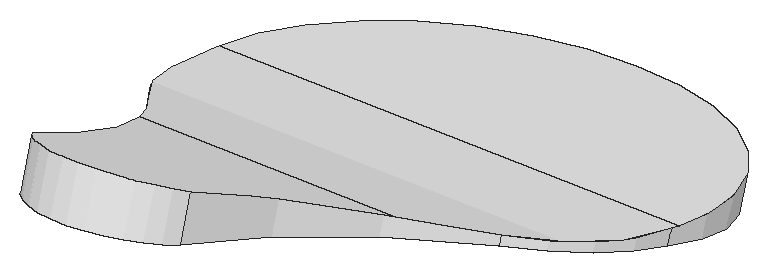
Revit family "23799-Deca_Acabamento Monocomando para Chuveiro Baixa e Alta Pressão Cromado_Gama_4993-13-CHU", category Plumbing Fixtures, host Face, Revit 2020
Family settings
  Host = Face
  Round Connector Dimension = Use Radius
  Part Type = Normal
  Cut with Voids When Loaded = No
  Shared = No
  Room Calculation Point = No
Parameters (values of type "4993.C13.CHU_CROMADO")
  WFU = 0
  Vazão na Pressão mín. (L/min) = "-"
  Vazão na Pressão máx. (L/min) = "-"
  URL = "www.deca.com.br"
  Tipo de rosca de saída = "-"
  Tipo de rosca de entrada = "-"
  Tipo de mecanismo utilizado = "-"
  Tipo de dispositivo economizador = "-"
  Segmento = "-"
  Saída de Esgoto = "-"
  Raio Água Fria = 0.00 m  # constant formula
  Raio Ponto de Esgoto = 0.00 m  # constant formula
  Pressão mín. funcionamento = "-"
  Pressão mín. Aquec. Passagem = "-"
  Pressão mín. Aquec. Acúmulo = "-"
  Pressão máx. funcionamento = "-"
  Peso Líquido (Kg) = 0.305
  Norma = "Não Possui"
  Model = "4993.C13.CHU"
  Material = Deca_Cromado
  Manufacturer = "Deca"
  Linha = "Gama"
  Itens de Instalação = "-"
  Informações Complementares = "-"
  Diâmetro Água Fria = 2 * Raio Água Fria  # 0.00 m
  Diâmetro Ponto de Esgoto = 2 * Raio Ponto de Esgoto  # 0.00 m
  Description = "ACABAMENTO MONOCOMANDO P/ CHUVEIRO BAIXA / ALTA PRESSAO GAMA- CROMADO"
  Default Elevation = 1.10 m
  Código Pai = "4993.C13.CHU"
  Criado por = "quattroD"
  Cores Componente = "-"
  Cor Secundária = "-"
  Cor Principal = "Cromado"
  Cor Interna = "-"
  Consumo = "-"
  Composição Componente = "-"
  Composição Básica = "Liga de Cobre (bronze e latão),Liga de Zinco(zamac),Plásticos de Engenharia"
  Composição Assento = "-"
  Composição Anel Vedação = "-"
  Categoria = "METAIS PARA BANHEIRO"
  CWFU = 0
  Atendimento ao Cliente = "0800 011 7073"
  Assembly Code = ""
  Aprovado por = "quattroD"
  Acompanha o Produto = "Parafuso de fixação"
Reference planes (m)
  plane 1 "Center (Front/Back)": y = 0
  plane 2: z = 0
  plane 3 "Center (Left/Right)": x = -0.001415
  plane 4: y = 0.03
  plane 5: y = -0.03
  plane 6: x = 0.028585
  plane 7: x = -0.031415
  plane 8: z = 0.056043
Forms (m)
  Extrusion 1, void
    sketch origin (-0.001972, -0.009307, -0.145653) x (0, 0.79169, -0.610923) y (0, 0.610923, 0.79169)
      loop
        line (-0.083036, 0.194516) -> (-0.085336, 0.200711) -> (-0.19887, 0.158557) -> (-0.196889, 0.153223) -> (-0.147207, 0.164628)
        arc (-0.147207, 0.164628) -> (-0.134274, 0.168337) -> (-0.121982, 0.173809) r 0.096446
        line (-0.121982, 0.173809) -> (-0.083036, 0.194516)
    from -0.032503 to 0.033521
  Extrusion 2, solid, material "Deca_Cromado" <- "Material"
    sketch origin (-0.000552, 0.046398, 0.055169) x (0, 0.954829, -0.297155) y (-1, 0, 0)
      loop
        arc (-0.049644, 0.026392) -> (-0.058085, 0.024813) -> (-0.065515, 0.020506) r 0.02535
        arc (-0.065515, 0.020506) -> (-0.081157, 0.01213) -> (-0.098641, 0.0091) r 0.055687
        arc (-0.098641, 0.0091) -> (-0.103639, 0.000295) -> (-0.097245, -0.007555) r 0.008967
        arc (-0.097245, -0.007555) -> (-0.080499, -0.010782) -> (-0.065515, -0.018927) r 0.055687
        arc (-0.065515, -0.018927) -> (-0.057497, -0.023443) -> (-0.048395, -0.0248) r 0.02535
        arc (-0.048395, -0.0248) -> (-0.029079, -0.01802) -> (-0.021174, 0.000862) r 0.025194
        arc (-0.021174, 0.000862) -> (-0.029542, 0.02017) -> (-0.049644, 0.026392) r 0.025194
    from -0.004672 to 0.006832
Cuts and joins
  Extrusion 1 cuts Extrusion 2
Lines and regions (m)
  Masking region 1
    outline origin (0, 0, 0) x (1, 0, 0) y (0, 1, 0)
      loop
        circle (-0.001415, 0.000015) r 0.06519
  Masking region 2
    outline origin (0, 0, 0) x (1, 0, 0) y (0, 0, 1)
      loop
        line (-0.027557, 0.045251) -> (-0.027499, 0.03786) -> (-0.024924, 0.03786)
        arc (-0.024924, 0.03786) -> (-0.02659, 0.031941) -> (-0.027188, 0.025821) r 0.0348
        line (-0.027188, 0.025821) -> (-0.027327, 0.01019) -> (-0.064715, 0.01019)
        arc (-0.064715, 0.01019) -> (-0.066051, 0.009637) -> (-0.066605, 0.008302) r 0.00189
        line (-0.066605, 0.008302) -> (-0.066605, 0.0071)
        arc (-0.066605, 0.0071) -> (-0.066571, 0.005) -> (-0.066605, 0.0029) r 0.065188
        line (-0.066605, 0.0029) -> (-0.066605, 0) -> (0.063775, 0) -> (0.063775, 0.0029) -> (0.063775, 0.008292)
        arc (0.063775, 0.008292) -> (0.063225, 0.009634) -> (0.061885, 0.01019) r 0.00189
        line (0.061885, 0.01019) -> (0.024498, 0.01019) -> (0.024359, 0.025821)
        arc (0.024359, 0.025821) -> (0.023761, 0.031941) -> (0.022095, 0.03786) r 0.0348
        line (0.022095, 0.03786) -> (0.02467, 0.03786) -> (0.02473, 0.045563) -> (0.024894, 0.066177)
        spline (0.024894, 0.066177) -> (0.023943, 0.06784) -> (0.022597, 0.068798) -> (0.021202, 0.069567) -> (0.019572, 0.070328) -> (0.017806, 0.071068) -> (0.016004, 0.071817) -> (0.014682, 0.072422) -> (0.013178, 0.07329) -> (0.011744, 0.074286) -> (0.010483, 0.075415) -> (0.009346, 0.07682) -> (0.008117, 0.079192)
        line (0.008117, 0.079192) -> (0.006472, 0.083979)
        spline (0.006472, 0.083979) -> (0.00524, 0.085186) -> (0.004053, 0.085753) -> (0.002661, 0.086141) -> (0.001127, 0.086382) -> (-0.000483, 0.086491) -> (-0.002123, 0.086486) -> (-0.003583, 0.086401) -> (-0.004846, 0.08624) -> (-0.006203, 0.085942) -> (-0.007558, 0.085421) -> (-0.008704, 0.084678) -> (-0.009521, 0.083435)
        line (-0.009521, 0.083435) -> (-0.01098, 0.078793)
        spline (-0.01098, 0.078793) -> (-0.012227, 0.076468) -> (-0.013368, 0.075096) -> (-0.014629, 0.073999) -> (-0.016059, 0.073036) -> (-0.017556, 0.0722) -> (-0.018869, 0.071622) -> (-0.020658, 0.070907) -> (-0.022412, 0.070202) -> (-0.024032, 0.069472) -> (-0.025419, 0.068732) -> (-0.026762, 0.067805) -> (-0.027723, 0.066177)
        line (-0.027723, 0.066177) -> (-0.027557, 0.045251)
  Masking region 3
    outline origin (-0.001415, 0, 0) x (0, 1, 0) y (0, 0, 1)
      loop
        arc (0.025773, 0.025836) -> (0.025174, 0.031948) -> (0.02351, 0.03786) r 0.0348
        line (0.02351, 0.03786) -> (0.026098, 0.03786) -> (0.026308, 0.061866) -> (0.007824, 0.065125) -> (-0.000622, 0.066615) -> (-0.002934, 0.067021) -> (-0.004647, 0.067325) -> (-0.005884, 0.067562) -> (-0.007007, 0.067788)
        arc (-0.007007, 0.067788) -> (-0.022213, 0.072064) -> (-0.036662, 0.078448) r 0.11143
        line (-0.036662, 0.078448) -> (-0.038831, 0.079601) -> (-0.050527, 0.08582) -> (-0.051921, 0.086561)
        arc (-0.051921, 0.086561) -> (-0.052415, 0.086547) -> (-0.052655, 0.086115) r 0.0005
        line (-0.052655, 0.086115) -> (-0.052612, 0.081156)
        arc (-0.052612, 0.081156) -> (-0.052519, 0.080136) -> (-0.052246, 0.079149) r 0.005752
        arc (-0.052246, 0.079149) -> (-0.051945, 0.078478) -> (-0.05156, 0.07785) r 0.005706
        arc (-0.05156, 0.07785) -> (-0.050992, 0.077162) -> (-0.050324, 0.076571) r 0.005705
        line (-0.050324, 0.076571) -> (-0.039641, 0.068521) -> (-0.037265, 0.06673) -> (-0.034356, 0.064538)
        arc (-0.034356, 0.064538) -> (-0.030082, 0.060138) -> (-0.02728, 0.05468) r 0.020761
        arc (-0.02728, 0.05468) -> (-0.026915, 0.053482) -> (-0.026623, 0.052264) r 0.020635
        arc (-0.026623, 0.052264) -> (-0.027589, 0.048128) -> (-0.026154, 0.04413) r 0.0075
        line (-0.026154, 0.04413) -> (-0.026099, 0.03786) -> (-0.02351, 0.03786)
        arc (-0.02351, 0.03786) -> (-0.025174, 0.031948) -> (-0.025773, 0.025836) r 0.0348
        line (-0.025773, 0.025836) -> (-0.025913, 0.01019) -> (-0.0633, 0.01019)
        arc (-0.0633, 0.01019) -> (-0.064636, 0.009637) -> (-0.06519, 0.008302) r 0.00189
        line (-0.06519, 0.008302) -> (-0.06519, 0) -> (0.06519, 0) -> (0.06519, 0.008298)
        arc (0.06519, 0.008298) -> (0.064637, 0.009636) -> (0.0633, 0.01019) r 0.00189
        line (0.0633, 0.01019) -> (0.025913, 0.01019) -> (0.025773, 0.025836)
  symbolic lines, style "PlumbingFixtures"
    curve 1: arc (0.024822, 0.000266, 0) -> (0.016951, 0.018846, 0) -> (-0.001753, 0.026418, 0) r 0.026364
    curve 2: arc (-0.001753, 0.026418, 0) -> (-0.020703, 0.018163, 0) -> (-0.027875, -0.001224, 0) r 0.026364
    curve 3: arc (-0.027875, -0.001224, 0) -> (-0.027818, -0.002124, 0) -> (-0.02773, -0.003021, 0) r 0.026769
    curve 4: line (-0.011354, -0.037644, 0) -> (-0.011117, -0.03905, 0)
    curve 5: line (-0.011117, -0.03905, 0) -> (-0.010633, -0.041889, 0)
    curve 6: line (-0.010633, -0.041889, 0) -> (-0.01014, -0.044785, 0)
    curve 7: line (-0.01014, -0.044785, 0) -> (-0.00969, -0.047381, 0)
    curve 8: line (0.006608, -0.047381, 0) -> (0.006907, -0.04566, 0)
    curve 9: line (0.006907, -0.04566, 0) -> (0.007202, -0.043942, 0)
    curve 10: line (0.007202, -0.043942, 0) -> (0.007686, -0.041101, 0)
    curve 11: line (0.007686, -0.041101, 0) -> (0.008272, -0.037644, 0)
    curve 16: spline (-0.009544, 0, 0.083363) -> (-0.009495, 0, 0.082294) -> (-0.009332, 0, 0.081318) -> (-0.009055, 0, 0.080435) -> (-0.008664, 0, 0.079645) -> (-0.008158, 0, 0.078948) -> (-0.007537, 0, 0.078344) -> (-0.006803, 0, 0.077833) -> (-0.005954, 0, 0.077414) -> (-0.00499, 0, 0.077089) -> (-0.003913, 0, 0.076857) -> (-0.002721, 0, 0.076717) -> (-0.001415, 0, 0.076671)
    curve 17: line (-0.027574, 0, 0.047359) -> (-0.027723, 0, 0.066177)
    curve 18: line (0.024894, 0, 0.066177) -> (0.024745, 0, 0.047359)
    curve 19: line (-0.02755, 0, 0.04432) -> (-0.027574, 0, 0.047359)
    curve 20: line (0.024745, 0, 0.047359) -> (0.024721, 0, 0.04432)
    curve 23: spline (-0.001415, 0, 0.076671) -> (-0.000103, 0, 0.076718) -> (0.001093, 0, 0.076858) -> (0.002174, 0, 0.077093) -> (0.003139, 0, 0.077421) -> (0.003988, 0, 0.077843) -> (0.004722, 0, 0.078358) -> (0.00534, 0, 0.078968) -> (0.005842, 0, 0.079671) -> (0.006229, 0, 0.080468) -> (0.006501, 0, 0.081359) -> (0.006656, 0, 0.082343) -> (0.006696, 0, 0.083421)
    curve 26: line (0.008117, 0, 0.079192) -> (0.006696, 0, 0.083421)
    curve 29: arc (0.024359, 0, 0.025821) -> (0.023761, 0, 0.031941) -> (0.022095, 0, 0.03786) r 0.0348
    curve 30: arc (-0.024924, 0, 0.03786) -> (-0.02659, 0, 0.031941) -> (-0.027188, 0, 0.025821) r 0.0348
    curve 31: arc (-0.066605, 0, 0.0029) -> (-0.066571, 0, 0.005) -> (-0.066605, 0, 0.0071) r 0.065188
    curve 32: arc (0.063775, 0, 0.008292) -> (0.063225, 0, 0.009634) -> (0.061885, 0, 0.01019) r 0.00189
    curve 33: arc (-0.064715, 0, 0.01019) -> (-0.066051, 0, 0.009637) -> (-0.066605, 0, 0.008302) r 0.00189
    curve 34: line (-0.027188, 0, 0.025821) -> (-0.027327, 0, 0.01019)
    curve 35: line (0.024359, 0, 0.025821) -> (0.024498, 0, 0.01019)
    curve 36: line (-0.064715, 0, 0.01019) -> (0.061885, 0, 0.01019)
    curve 37: line (-0.066605, 0, 0.008302) -> (-0.066605, 0, 0.0071)
    curve 38: line (0.063775, 0, 0.008292) -> (0.063775, 0, 0.0029)
    curve 39: line (0.063775, 0, 0.0029) -> (0.063775, 0, 0)
    curve 40: line (0.063775, 0, 0) -> (-0.066605, 0, 0)
    curve 41: line (-0.066605, 0, 0) -> (-0.066605, 0, 0.0029)
    curve 42: line (0.024749, 0, 0.047873) -> (0.024726, 0, 0.044951)
    curve 43: line (0.024726, 0, 0.044951) -> (0.02467, 0, 0.03786)
    curve 44: line (0.02467, 0, 0.03786) -> (-0.027499, 0, 0.03786)
    curve 45: line (-0.027499, 0, 0.03786) -> (-0.027555, 0, 0.044951)
    curve 46: line (-0.027555, 0, 0.044951) -> (-0.027578, 0, 0.047873)
    curve 62: line (-0.01098, 0, 0.078793) -> (-0.009521, 0, 0.083435)
    curve 63: arc (-0.001415, 0.025773, 0.025836) -> (-0.001415, 0.025174, 0.031948) -> (-0.001415, 0.02351, 0.03786) r 0.0348
    curve 64: arc (-0.001415, -0.02351, 0.03786) -> (-0.001415, -0.025174, 0.031948) -> (-0.001415, -0.025773, 0.025836) r 0.0348
    curve 65: arc (-0.001415, 0.06519, 0.008298) -> (-0.001415, 0.064637, 0.009636) -> (-0.001415, 0.0633, 0.01019) r 0.00189
    curve 66: arc (-0.001415, -0.0633, 0.01019) -> (-0.001415, -0.064636, 0.009637) -> (-0.001415, -0.06519, 0.008302) r 0.00189
    curve 67: arc (-0.001415, -0.02728, 0.05468) -> (-0.001415, -0.030082, 0.060138) -> (-0.001415, -0.034356, 0.064538) r 0.020761
    curve 68: arc (-0.001415, -0.052612, 0.081156) -> (-0.001415, -0.052519, 0.080136) -> (-0.001415, -0.052246, 0.079149) r 0.005752
    curve 69: arc (-0.001415, -0.036662, 0.078448) -> (-0.001415, -0.02259, 0.0722) -> (-0.001415, -0.007792, 0.067952) r 0.11143
    curve 70: arc (-0.001415, -0.051921, 0.086561) -> (-0.001415, -0.052415, 0.086547) -> (-0.001415, -0.052655, 0.086115) r 0.0005
    curve 71: arc (-0.001415, -0.026623, 0.052264) -> (-0.001415, -0.026915, 0.053482) -> (-0.001415, -0.02728, 0.05468) r 0.020635
    curve 72: arc (-0.001415, -0.05156, 0.07785) -> (-0.001415, -0.050992, 0.077162) -> (-0.001415, -0.050324, 0.076571) r 0.005705
    curve 73: arc (-0.001415, -0.052246, 0.079149) -> (-0.001415, -0.051945, 0.078478) -> (-0.001415, -0.05156, 0.07785) r 0.005706
    curve 74: line (-0.001415, -0.025773, 0.025836) -> (-0.001415, -0.025913, 0.01019)
    curve 75: line (-0.001415, 0.025773, 0.025836) -> (-0.001415, 0.025913, 0.01019)
    curve 76: line (-0.001415, -0.0633, 0.01019) -> (-0.001415, 0.0633, 0.01019)
    curve 77: line (-0.001415, -0.06519, 0.008302) -> (-0.001415, -0.06519, 0)
    curve 78: line (-0.001415, -0.06519, 0) -> (-0.001415, 0.06519, 0)
    curve 79: line (-0.001415, 0.06519, 0) -> (-0.001415, 0.06519, 0.008298)
    curve 80: line (-0.001415, -0.034356, 0.064538) -> (-0.001415, -0.037265, 0.06673)
    curve 81: line (-0.001415, -0.037265, 0.06673) -> (-0.001415, -0.039641, 0.068521)
    curve 82: line (-0.001415, -0.039641, 0.068521) -> (-0.001415, -0.050324, 0.076571)
    curve 83: line (-0.001415, -0.052655, 0.086115) -> (-0.001415, -0.052612, 0.081156)
    curve 84: line (-0.001415, 0.026308, 0.061866) -> (-0.001415, 0.026098, 0.03786)
    curve 85: line (-0.001415, 0.026098, 0.03786) -> (-0.001415, -0.026099, 0.03786)
    curve 86: line (-0.001415, -0.026099, 0.03786) -> (-0.001415, -0.026154, 0.04413)
    curve 87: line (-0.001415, -0.051921, 0.086561) -> (-0.001415, -0.050527, 0.08582)
    curve 88: line (-0.001415, -0.050527, 0.08582) -> (-0.001415, -0.038831, 0.079601)
    curve 89: line (-0.001415, -0.038831, 0.079601) -> (-0.001415, -0.036662, 0.078448)
    curve 90: line (-0.001415, -0.00819, 0.068037) -> (-0.001415, -0.007792, 0.067952)
    curve 91: line (-0.001415, -0.007422, 0.067873) -> (-0.001415, -0.006654, 0.067715)
    curve 92: line (-0.001415, -0.006654, 0.067715) -> (-0.001415, -0.005884, 0.067562)
    curve 93: line (-0.001415, -0.005884, 0.067562) -> (-0.001415, -0.004647, 0.067325)
    curve 94: line (-0.001415, -0.004647, 0.067325) -> (-0.001415, -0.002934, 0.067021)
    curve 95: line (-0.001415, -0.002934, 0.067021) -> (-0.001415, -0.000622, 0.066615)
    curve 96: line (-0.001415, -0.000622, 0.066615) -> (-0.001415, 0.007824, 0.065125)
    curve 97: line (-0.001415, 0.007824, 0.065125) -> (-0.001415, 0.026308, 0.061866)
    curve 98: arc (-0.001415, -0.026623, 0.052264) -> (-0.001415, -0.027589, 0.048128) -> (-0.001415, -0.026154, 0.04413) r 0.0075
  symbolic lines
    curve 12: line (-0.027838, -0.001859, 0) -> (-0.011354, -0.037644, 0)
    curve 13: line (0.024756, -0.001859, 0) -> (0.008272, -0.037644, 0)
    curve 14: line (-0.00969, -0.047381, 0) -> (-0.001541, -0.052718, 0)
    curve 15: line (0.006608, -0.047381, 0) -> (-0.001541, -0.052718, 0)
    curve 21: line (-0.027723, 0, 0.066177) -> (-0.01098, 0, 0.078793)
    curve 22: line (0.024894, 0, 0.066177) -> (0.008117, 0, 0.079192)
    curve 24: line (-0.009521, 0, 0.083435) -> (0.006472, 0, 0.083979)
    curve 25: line (0.006472, 0, 0.083979) -> (0.006696, 0, 0.083424)
    curve 27: circle (-0.001415, 0.000015, 0) r 0.06519 normal (0, 0, 1)
    curve 28: line (0.024822, 0.000266, 0) -> (0.024756, -0.001859, 0)
  symbolic lines, style "PlumbingFixtures", not visible
    curve 47: spline (0.099162, 0, 0.090528) -> (0.099215, 0, 0.089467) -> (0.099381, 0, 0.088498) -> (0.099661, 0, 0.087621) -> (0.100055, 0, 0.086836) -> (0.100562, 0, 0.086144) -> (0.101183, 0, 0.085544) -> (0.101917, 0, 0.085037) -> (0.102765, 0, 0.084621) -> (0.103727, 0, 0.084298) -> (0.104802, 0, 0.084068) -> (0.10599, 0, 0.083929) -> (0.107292, 0, 0.083883)
    curve 48: line (0.081132, 0, 0.054571) -> (0.080982, 0, 0.073389)
    curve 49: line (0.1336, 0, 0.073389) -> (0.13345, 0, 0.054571)
    curve 50: line (0.081156, 0, 0.051532) -> (0.081132, 0, 0.054571)
    curve 51: line (0.081132, 0, 0.054571) -> (0.107291, 0, 0.054571)
    curve 52: line (0.107291, 0, 0.054571) -> (0.13345, 0, 0.054571)
    curve 53: line (0.133451, 0, 0.054571) -> (0.133426, 0, 0.051532)
    curve 56: spline (0.107292, 0, 0.083883) -> (0.108604, 0, 0.08393) -> (0.1098, 0, 0.084071) -> (0.11088, 0, 0.084305) -> (0.111845, 0, 0.084633) -> (0.112694, 0, 0.085055) -> (0.113428, 0, 0.085571) -> (0.114046, 0, 0.08618) -> (0.114548, 0, 0.086884) -> (0.114935, 0, 0.08768) -> (0.115206, 0, 0.088571) -> (0.115362, 0, 0.089556) -> (0.115402, 0, 0.090634)
    curve 57: line (0.097725, 0, 0.086005) -> (0.099146, 0, 0.090646)
    curve 60: line (0.116823, 0, 0.086404) -> (0.116197, 0, 0.088339)
    curve 61: line (0.116197, 0, 0.088339) -> (0.115402, 0, 0.090634)
  symbolic lines, not visible
    curve 54: line (0.080982, 0, 0.073389) -> (0.097725, 0, 0.086005)
    curve 55: line (0.1336, 0, 0.073389) -> (0.116823, 0, 0.086404)
    curve 58: line (0.099146, 0, 0.090646) -> (0.115178, 0, 0.091191)
    curve 59: line (0.115178, 0, 0.091191) -> (0.115402, 0, 0.090636)
Dimensions and locks (m)
  aligned and locked: host face to plane 2
  aligned and locked: level to host face
